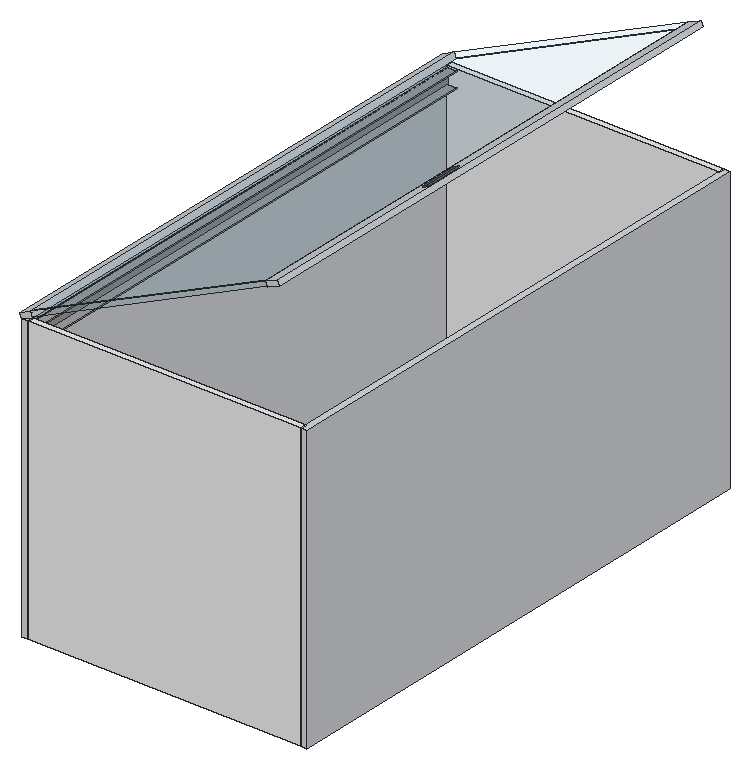
Revit family "Domotics-CablaggioStrutturato-GEWISS-QUADRI_PAVIMENTO_19_30U_P800", category Apparecchi elettrici, host Superficie, Revit 2019
Family settings
  Host = Superficie
  Mantenere orientamento annotazione = Sì
  Quota connettore circolare = Usa diametro
  Tipo di parte = Normale
  Numero OmniClass = 23.80.30.00
  Titolo OmniClass = Distribution Devices
  Taglio con vuoti quando caricato = No
  Condiviso = No
  Punto di calcolo locali = Sì
Parameters (values of type "GW38462 - ARMADIO DA PAVIMENTO 19 30U 800x800MM")
  simbolo in pianta [instance] = yes
  n_poli = 1
  barra din = yes
  Visibilità sportello [instance] = yes
  Versione file RFA = "21.2"
  UnitÃ  di cablaggio = "30 U"
  URL = "https://www.gewiss.com/it/it"
  Tipologia porta = "Reversibile"
  Scheda Tecnica = "https://www.gewiss.com/it/it/search?q=GW38462"
  SEO = "Armadio LAN"
  Prospetto di default = 900 mm
  ProfonditÃ  (mm) = "800 mm"
  Produttore = "GEWISS S.p.A."
  Portata statica = "1000KG"
  Nome quadro [instance] = "n.quadro"
  N. montanti = "4"
  Modello = "GW38462"
  Materiale = "Acciaio"
  Immagine tipo = C.jpg
  IDT = "d3e492a5c7484f7ba5e98148cb818b21"
  IDF = "22572e63-9188-474a-acf0-c0ddc2a7bde8"
  Grado di protezione = "IP20"
  Finitura = "Bucciata"
  Distanza_x [instance] = 300 mm
  Distanza simbolo [instance] = 0 mm
  Distanza effettiva x [instance] = 1000 mm - Distanza_x  # 700 mm
  Dim. esterne BxHxP (mm) = "800x1485x800"
  Descrizione = "ARMADIO DA PAVIMENTO 19 30U 800x800MM"
  Creato da GEWISS S.p.A. = ""
  Colore = "Grigio (RAL 7035)"
  Codice Electrocod = "3752"
  Categoria = "Armadio da pavimento 19\""
  Catalogo = "DOMOTICS"
  COBie.Tagnumber = ""
  COBie.CreatedOn = ""
  COBie.CreatebBy = ""
  COBie.ComponentRegisterItemID = ""
  COBie.Component.TagNumber = ""
  COBie.Component.Space = ""
  COBie.Component.SerialNumber = ""
  COBie.Component.InstallationDate = ""
  COBie.Component.Description = ""
  COBie.Component.BarCode = ""
  Apertura porta = "135°"
  Apertura [instance] = 25.00°
Reference planes
  plane 1 "Centro (Fronte/Retro)": y = 0
  plane 2: z = 0
  plane 3 "Centro (Sinistra/Destra)": x = 0
  plane 4: x = -1380.34
  plane 5: x = -680.34
Forms (mm)
  Extrusion 1, solid, detail levels coarse
    sketch origin (0, 0, 0) x (1, 0, 0) y (0, 1, 0)
      loop
        line (783.5, 0) -> (783.5, 1485) -> (-16.5, 1485) -> (-16.5, 0) -> (783.5, 0)
    from 0 to 600
Dimensions and locks
  plane 4 to plane 3 "Centro (Sinistra/Destra)" = 1380.34 mm
  "Distanza effettiva x": plane 4 to plane 5
  aligned and locked: host face to plane 2
  aligned and locked: host face to level
  aligned and locked: plane 1 "Centro (Fronte/Retro)" to nested 1
  aligned and locked: nested 2 to plane 5
  aligned and locked: Extrusion 1 sketch curve to nested 1  (x4)
  aligned and locked: plane 3 "Centro (Sinistra/Destra)" to nested 1
  aligned and locked: nested 1 to host face
Automatic sketch dimensions
  host sketch curve to host sketch curve = 3398.537 mm
  host sketch curve to host sketch curve = 3619.2 mm
Nested families
  nested 1: "DATACENTER ARMADIO PARETE 30U P800mm.rfa_BASE" at (-16.5, 0, 0), Apertura <- "Apertura", Sportello <- "Visibilità sportello", visible <- "Visibilità sportello", Barra din <- "barra din", Sportello visibile <- "Visibilità sportello", type "DATACENTER ARMADIO PARETE 30U P800mm.rfa_BASE", detail levels medium+fine
    with Sportello visibile yes, Sportello yes, Barra din yes, Apertura 25.00°
  nested 2: "DATACENTERsimbolo" at (-680.34, 911.19, 0), Distanza dal muro <- "Distanza simbolo", SIMBOLO ACCESO <- "simbolo in pianta", visible <- "simbolo in pianta", type "3P"
    with SIMBOLO ACCESO yes, Distanza dal muro 0 mm
Connectors
  electrical at (383.5, 742.5, 0), driven by "n_poli"
    settings: on nested 1, index 1, voltage 0 V, apparent load 0 VA, apparent load phase1 0 VA, apparent load phase2 0 VA, apparent load phase3 0 VA, power factor 1, load classification "Altro", number of poles 1, system type 31, power factor state 1, is connector primary yes, connector utility no, sub classification motor no, connector description ""
Definition of nested family "DATACENTER ARMADIO PARETE 30U P800mm.rfa_BASE"
  Parameters (values of type "DATACENTER ARMADIO PARETE 30U P800mm.rfa_BASE")
    Struttura = none
    Sportello_vetro = none
    Sportello visibile [instance] = yes
    Sportello lato = none
    Sportello [instance] = yes
    Profondità quadro = 800 mm  # constant formula
    L_quadro = 800 mm  # constant formula
    Barra din [instance] = yes
    Altezza quadro = 1485 mm  # constant formula
    Apertura [instance] = 32.00°
  Reference planes
    plane 1 "Centro (Fronte/Retro)": y = 0
    plane 2: z = 0
    plane 3 "Centro (Sinistra/Destra)": x = 0
    plane 4: x = 800
    plane 5: y = 1485
    plane 6: x = 16.5
    plane 7: y = 1468.5
    plane 8: y = 16.5
    plane 9: x = 783.5
    plane 10: z = 800
    plane 11: z = 16.5
    plane 12: x = 46.5
    plane 13: x = 18.5
    plane 14: z = 796
    plane 15: z = 751
    plane 16: z = 794
    plane 17: x = 20.5
    plane 18: z = 753
    plane 19: x = 44.5
    plane 20: z = 18.5
    plane 21: z = 63.5
    plane 22: z = 61.5
    plane 23: z = 20.5
  Forms (mm)
    Extrusion 1, solid, material <- "Struttura"
      sketch origin (0, 0, 0) x (1, 0, 0) y (0, 1, 0)
        loop
          line (16.5, 1468.5) -> (783.5, 1468.5) -> (783.5, 1485) -> (16.5, 1485) -> (16.5, 1468.5)
      from 0 to 800
    Extrusion 2, solid
      sketch origin (0, 0, 0) x (1, 0, 0) y (0, 1, 0)
        loop
          line (16.5, 1468.5) -> (16.5, 16.5) -> (783.5, 16.5) -> (783.5, 1468.5) -> (16.5, 1468.5)
      from 0 to 16.5
    Extrusion 3, solid
      sketch origin (458.466, 0, 1086.482) x (-0.848048, 0, -0.529919) y (0, -1, 0)
        loop
          line (-259.386, 0) -> (-259.386, -1485) -> (-220.759, -1485) -> (-220.759, 0) -> (-259.386, 0)
        loop
          line (540.614, -1485) -> (540.614, 0) -> (506.604, 0) -> (506.604, -1485) -> (540.614, -1485)
      from 0 to 15
    Extrusion 4, solid, material <- "Sportello_vetro", visible <- "Sportello visibile"
      sketch origin (458.466, 0, 1086.482) x (-0.848048, 0, -0.529919) y (0, -1, 0)
        loop
          line (506.604, 0) -> (-220.759, 0) -> (-220.759, -1485) -> (506.604, -1485) -> (506.604, 0)
      from 0 to 15
    Extrusion 5, solid
      sketch origin (0, 0, 0) x (1, 0, 0) y (0, 1, 0)
        loop
          line (0, 1485) -> (0, 0) -> (16.5, 0) -> (16.5, 1485) -> (0, 1485)
        loop
          line (800, 0) -> (800, 1485) -> (783.5, 1485) -> (783.5, 0) -> (800, 0)
      from 0 to 800
    Extrusion 6, solid, material <- "Struttura"
      sketch origin (0, 400, 0) x (1, 0, 0) y (0, 1, 0)
        loop
          line (16.5, -383.5) -> (16.5, -400) -> (783.5, -400) -> (783.5, -383.5) -> (16.5, -383.5)
      from 0 to 800
    Extrusion 7, solid
      sketch origin (458.466, 0, 1086.482) x (-0.848048, 0, -0.529919) y (0, -1, 0)
        loop
          line (-234.386, -647.5) -> (-234.386, -537.5) -> (-249.386, -537.5) -> (-249.386, -647.5) -> (-234.386, -647.5)
      from 2.698 to 17.686
    Extrusion 8, solid, visible <- "Barra din"
      sketch origin (0, 0, 0) x (1, 0, 0) y (0, 0, 1)
        loop
          line (46.5, 796) -> (18.5, 796) -> (18.5, 751) -> (46.5, 751) -> (46.5, 753) -> (20.5, 753) -> (20.5, 794) -> (46.5, 794) -> (46.5, 796)
      from -1468.5 to -16.5
    Extrusion 9, solid, visible <- "Barra din"
      sketch origin (0, 0, 600) x (1, 0, 0) y (0, 0, 1)
        loop
          line (46.5, -581.5) -> (46.5, -579.5) -> (20.5, -579.5) -> (20.5, -538.5) -> (46.5, -538.5) -> (46.5, -536.5) -> (18.5, -536.5) -> (18.5, -581.5) -> (46.5, -581.5)
      from -1468.5 to -16.5
  Lines and regions (mm)
    reference lines
      curve 1: line (458.466, 0, 1086.482) -> (0, 0, 800)
  Dimensions and locks
    "L_quadro": plane 3 "Centro (Sinistra/Destra)" to plane 4
    "Altezza quadro": plane 1 "Centro (Fronte/Retro)" to plane 5
    locked: plane 5 to plane 7 at 16.5
    locked: plane 9 to plane 4 at 16.5
    locked: plane 3 "Centro (Sinistra/Destra)" to plane 6 at 16.5
    locked: plane 1 "Centro (Fronte/Retro)" to plane 8 at 16.5
    "Profondità quadro": plane 10 to plane 2
    locked: plane 11 to level at 16.5
    locked: plane 6 to plane 12 at 30
    locked: Extrusion 3 sketch curve to Extrusion 3 sketch curve at 38.628
    locked: Extrusion 3 sketch curve to Extrusion 3 sketch curve at 34.009
    "L_quadro": Extrusion 3 sketch curve to Extrusion 3 sketch curve
    "Altezza quadro": Extrusion 3 sketch curve to Extrusion 3 sketch curve  (x2)
    "Altezza quadro": Extrusion 4 sketch curve to Extrusion 4 sketch curve
    Extrusion 7 sketch curve to Extrusion 7 sketch curve = 15 mm
    Extrusion 3 to Extrusion 3 = 1485 mm
    locked: plane 13 to plane 6 at 2
    locked: plane 10 to plane 14 at 4
    locked: plane 14 to plane 16 at 2
    locked: plane 18 to plane 15 at 2
    locked: plane 14 to plane 15 at 45
    locked: plane 23 to plane 20 at 2
    "Apertura": angle plane 10 to curve 1
    aligned and locked: level to plane 2
    aligned and locked: Extrusion 1 sketch curve to plane 7
    aligned and locked: Extrusion 1 sketch curve to plane 5
    aligned and locked: Extrusion 1 sketch curve to plane 6
    aligned and locked: plane 9 to Extrusion 1 sketch curve
    aligned and locked: plane 10 to Extrusion 1
    aligned and locked: Extrusion 2 sketch curve to plane 6
    aligned and locked: Extrusion 2 sketch curve to plane 7
    aligned and locked: Extrusion 2 sketch curve to plane 9
    aligned and locked: Extrusion 2 sketch curve to plane 8
    aligned and locked: plane 11 to Extrusion 2
    aligned and locked: curve 1 to Extrusion 1
    aligned and locked: plane 10 to curve 1
    aligned and locked: Extrusion 3 sketch curve to plane 5
    aligned and locked: Extrusion 3 sketch curve to plane 1 "Centro (Fronte/Retro)"
    aligned and locked: Extrusion 4 sketch curve to curve 1
    aligned and locked: Extrusion 4 sketch curve to Extrusion 3  (x2)
    aligned and locked: Extrusion 5 sketch curve to plane 3 "Centro (Sinistra/Destra)"
    aligned and locked: Extrusion 5 sketch curve to plane 6
    aligned and locked: Extrusion 5 sketch curve to plane 4
    aligned and locked: Extrusion 5 sketch curve to plane 9
    aligned and locked: Extrusion 5 sketch curve to plane 5
    aligned and locked: Extrusion 5 sketch curve to plane 1 "Centro (Fronte/Retro)"
    aligned and locked: plane 10 to Extrusion 5
    aligned and locked: plane 8 to Extrusion 6 sketch curve
    aligned and locked: plane 1 "Centro (Fronte/Retro)" to Extrusion 6 sketch curve
    aligned and locked: plane 9 to Extrusion 6 sketch curve
    aligned and locked: plane 6 to Extrusion 6 sketch curve
    aligned and locked: Extrusion 8 sketch curve to plane 14
    aligned and locked: Extrusion 8 sketch curve to plane 13
    aligned and locked: Extrusion 8 sketch curve to plane 15
    aligned and locked: Extrusion 8 sketch curve to plane 18
    aligned and locked: Extrusion 8 sketch curve to plane 17
    aligned and locked: Extrusion 8 sketch curve to plane 12
    aligned and locked: Extrusion 8 sketch curve to plane 16
    aligned and locked: Extrusion 8 to Extrusion 1
    aligned and locked: Extrusion 8 to Extrusion 6
    aligned and locked: plane 21 to Extrusion 9 sketch curve
    aligned and locked: plane 22 to Extrusion 9 sketch curve
    aligned and locked: plane 23 to Extrusion 9 sketch curve
    aligned and locked: plane 20 to Extrusion 9 sketch curve
    aligned and locked: plane 17 to Extrusion 9 sketch curve
    aligned and locked: plane 13 to Extrusion 9 sketch curve
    aligned and locked: Extrusion 2 to Extrusion 9
    aligned and locked: Extrusion 9 to Extrusion 1
    aligned and locked: Extrusion 6 to Extrusion 1
  Automatic sketch dimensions
    plane 1 "Centro (Fronte/Retro)" to Extrusion 5 sketch curve = 0 mm
    Extrusion 5 sketch curve to plane 5 = 0 mm
    Extrusion 8 sketch curve to plane 12 = 0 mm
    Extrusion 9 sketch curve to plane 12 = 0 mm  (x2)
    Extrusion 7 sketch curve to curve 1 = 249.386 mm
    Extrusion 7 sketch curve to Extrusion 7 sketch curve = 15 mm
    Extrusion 7 sketch curve to curve 1 = 647.5 mm
    Extrusion 7 sketch curve to Extrusion 7 sketch curve = 110 mm
    curve 1 to plane 3 "Centro (Sinistra/Destra)" = 0 mm
    Extrusion 3 sketch curve to curve 1 = 0 mm
Definition of nested family "DATACENTERsimbolo"
  Parameters (values of type "3P")
    SIMBOLO ACCESO [instance] = yes
    Distanza dal muro [instance] = 0 mm
  Reference planes
    plane 1: y = 0
    plane 2: x = 0
  Dimensions and locks
    "Distanza dal muro": plane 1 to nested 1
    aligned and locked: plane 2 to nested 1
  Nested families
    nested 1: "DATACENTERsimbolo.base" at (0, 0, 0), type "3P"
      with CORNICE SIMBOLO yes
  Definition of nested family "DATACENTERsimbolo.base"
    Parameters (values of type "3P")
      Testo = ""
      CORNICE SIMBOLO [instance] = yes
      3P = yes
    Reference planes
      plane 1: y = 0
      plane 2: x = 0
    Lines and regions (mm)
      detail lines
        curve 1: line (6.852, 3.426, 0) -> (8.859, 3.426, 0)
        curve 2: line (8.859, 3.426, 0) -> (8.859, 0, 0)
        curve 3: line (8.859, 0, 0) -> (6.852, 0, 0)
        curve 4: line (6.852, 0, 0) -> (0, 3.426, 0)
        curve 5: line (0, 3.426, 0) -> (3.027, 3.426, 0)
        curve 6: line (3.027, 3.426, 0) -> (6.852, 3.426, 0)
        curve 7: line (6.852, 3.426, 0) -> (6.852, 0, 0)
        curve 8: line (6.852, 0, 0) -> (0, 0, 0)
        curve 9: line (0, 0, 0) -> (0, 3.426, 0)
        curve 10: line (7.856, 1.713, 0) -> (7.856, 2.67, 0)
        curve 11: line (8.526, 0.756, 0) -> (8.526, 1.713, 0)
        curve 12: line (8.526, 1.713, 0) -> (7.185, 1.713, 0)
        curve 13: line (7.185, 1.713, 0) -> (7.185, 0.756, 0)
    Text (mm)
      label "RJ" at (7.87, 1.29, 0), shows "Testo"
    Nested families
      nested 1: "testo_simb" at (7.89, 1.134, 0), type "3P"
        with SIMBOLO ACCESO yes, Distanza dal muro 0 mm
      nested 2: "testo_simb" at (7.855, 0, 0), type "3P"
        with SIMBOLO ACCESO yes, Distanza dal muro 0 mm
      nested 3: "testo_simb" at (7.855, 0, 0), type "3P"
        with SIMBOLO ACCESO yes, Distanza dal muro 0 mm
      nested 4: "testo_simb" at (7.855, 0, 0), type "3P"
        with SIMBOLO ACCESO yes, Distanza dal muro 0 mm
      nested 5: "testo_simb" at (7.855, 0, 0), type "3P"
        with SIMBOLO ACCESO yes, Distanza dal muro 0 mm
    Definition of nested family "testo_simb"
      Parameters (values of type "3P")
        testo simb = ""
        SIMBOLO ACCESO [instance] = yes
        Distanza dal muro [instance] = 0 mm
      Reference planes
        plane 1: y = 0
        plane 2: x = 0
      Text (mm)
        label "RJ" at (0.02, 0.123, 0), shows "testo simb"
